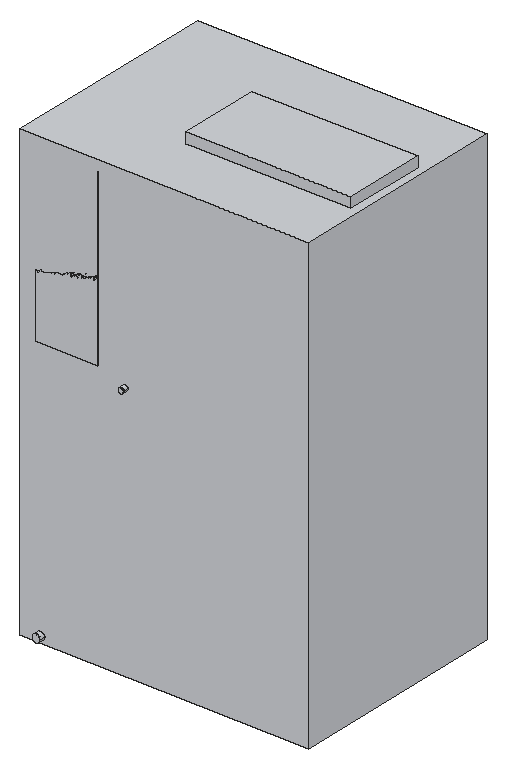
Revit family "HVAC_SPVU_AlliedAir_MCE4", category Mechanical Equipment, Revit 2018
Family settings
  Round Connector Dimension = Use Diameter
  Part Type = Normal
  OmniClass Number = 23.75.00.00
  OmniClass Title = Climate Control (HVAC)
  Work Plane-Based = Yes
  Always vertical = Yes
  Cut with Voids When Loaded = No
  Shared = No
  Room Calculation Point = No
Parameters
  exhaustrad = Exhaust Air Diameter / 2  # 0' - 1 1/4"
  drainrad = Outdoor Condensate Connection Diameter / 2  # 0' - 0 3/8"
  Warranty Duration (Years) = 0
  Voltage Range = "as Specified"
  Unit Width = 2' - 4"
  Unit Weight = 0
  Unit Height = 3' - 7 7/8"
  Unit Depth = 1' - 9 1/2"
  URL = "http://www.magic-pak.com/"
  Supply Duct Size_W = 16"
  Supply Duct Size_H = 8"
  Standards Conformance = "as Specified"
  Specification = "http://www.arcat.com/sdspecs/htm/15700aae.htm"
  SpecWizard = ""
  Sound Pressure = "as Specified"
  Send Message = "http://www.arcat.com/users.pl?action=UserEmail&amp;company=Magic-Pak&amp;coid=46691&amp;rep=141&amp;fax=&amp;mf=95"
  Sales Information = "http://www.magic-pak.com/contact.php"
  Revision = "R2_2015-02"
  Refrigerant Used = "R410A"
  Product Properties = ""
  Product Data = "http://www.arcat.com/arcatcos/cos9546/arc46691.html"
  Platform Height [instance] = 0' - 4"
  Model = "as Specified"
  Manufacturer Website = "http://www.magic-pak.com/"
  Manufacturer Phone - Toll Free = "800-448-5872"
  Manufacturer Phone = ""
  Manufacturer Fax = ""
  Manufacturer Address = "215 Metropolitan Dr.  West Columbia, SC 29170"
  Manufacturer = "Magic-Pak"
  Maintenance Schedule (Months) = 0
  Keynote = "15700"
  Installation-Fabrication = ""
  Installation Phase = ""
  Indoor Drain CL Elevation = C  # 2' - 1"
  Indoor Condensate Connection Diameter = 0' - 0 1/2"
  HVAC_Cooling Capacity = 0.0 Btu/h
  HVAC_BTU Input = 0.0 Btu/h
  Green Building-LEED = ""
  Fuel Consumption = "as Specified"
  Expected Lifespan (Years) = 0
  Exhaust Air Height Location = 2' - 1.59696"
  Exhaust Air Diameter = 0' - 2 1/2"
  Electrical_Voltage = 230 V
  Electrical_Phase = 1
  Electrical_Frequency = 60 Hz
  Electrical_Amperage = 0 A
  Efficiency Ratings = "as Specified"
  E = 1' - 6 7/8"
  Return Duct Size_W = 6"
  Return Duct Size_H = 16 7/8"
  Drawn By = "Sumex Design, Inc. / Robert S. Weygant, CSI, CDT, SCIP"
  Description = "Magic-Pak Ducted Heating and Cooling Unit as Specified"
  Default Elevation = 0' - 0"
  Copyright = "©Arcat Inc."
  Construction Details = ""
  Outdoor Condensate Connection Diameter = 0' - 0 3/4"
  C = 2' - 1"
  Assembly Code = "D3050100"
  Air Flow = 0 CFM
Reference planes (in)
  plane 1 "Center (Front/Back)": y = 0
  plane 2 "Bottom": z = 0
  plane 3 "Center (Left/Right)": x = 0
  plane 4 "Front": y = -10.75
  plane 5 "Back": y = 10.75
  plane 6 "Left": x = -14
  plane 7 "Right": x = 14
  plane 8 "Top": z = 47.875
  plane 9: z = 28.875
  plane 10: z = 22.875
  plane 11: z = 4
Forms (in)
  Extrusion 1, solid
    sketch origin (0, 0, 0) x (1, 0, 0) y (0, 0, 1)
      loop
        line (-14, 22.875) -> (-14, 4) -> (14, 4) -> (14, 22.875) -> (-14, 22.875)
    from -10.75 to 10.75
  Extrusion 2, solid
    sketch origin (0, 0, 0) x (1, 0, 0) y (0, 1, 0)
      loop
        line (-14, 10.75) -> (-14, -10.75) -> (14, -10.75) -> (14, 10.75) -> (13, 10.75) -> (13, 6.25) -> (-13, 6.25) -> (-13, 10.75) -> (-14, 10.75)
    from 22.875 to 28.875
  Extrusion 3, solid
    sketch origin (0, 0, 0) x (1, 0, 0) y (0, 0, 1)
      loop
        line (-14, 47.875) -> (-14, 28.875) -> (14, 28.875) -> (14, 47.875) -> (-14, 47.875)
    from -10.75 to 10.75
  Extrusion 4, solid
    sketch origin (-11.94222, -10.75, 48) x (1, 0, 0) y (0, 0, 1)
      loop
        line (-0.55778, -1.125) -> (-0.55778, -18) -> (5.44222, -18) -> (5.44222, -1.125) -> (-0.55778, -1.125)
    from 0 to -4.5
  Extrusion 5, solid
    sketch origin (-43.59721, -180, 47.875) x (-1, 0, 0) y (0, -1, 0)
      loop
        line (-56.78471, -175.375) -> (-56.78471, -183.375) -> (-40.78471, -183.375) -> (-40.78471, -175.375) -> (-56.78471, -175.375)
    from 0 to 1
  Extrusion 6, solid
    sketch origin (-11.94222, -10.75, 48) x (-1, 0, 0) y (0, 0, 1)
      loop
        circle (-8.12972, -19) r 0.25
      loop
        circle (0.05778, -43.375) r 0.375
    from 0 to -0.5
Cuts and joins
  joined: Extrusion 1, Extrusion 2, Extrusion 3
Dimensions and locks (in)
  equal spacing: plane 6 "Left", plane 3 "Center (Left/Right)", plane 7 "Right"
  "Unit Width": plane 6 "Left" to plane 7 "Right"
  equal spacing: plane 5 "Back", plane 1 "Center (Front/Back)", plane 4 "Front"
  "Unit Depth": plane 5 "Back" to plane 4 "Front"
  locked: plane 9 to plane 10 at 6
  "Platform Height": plane 11 to level
  "Unit Height": plane 8 "Top" to plane 11
  "E": plane 10 to plane 11
  locked: plane 5 "Back" to Extrusion 2 sketch curve at 4.5
  locked: plane 8 "Top" to Extrusion 4 sketch curve at 1
  Extrusion 4 sketch curve to Extrusion 4 sketch curve to plane 6 "Left" = 0' - 6" locked, 0' - 1 1/2" locked
  "Return Duct Size_H": Extrusion 4 sketch curve to Extrusion 4 sketch curve
  locked: Extrusion 5 sketch curve to plane 7 "Right" at 0.8125
  Extrusion 5 sketch curve to Extrusion 5 sketch curve to plane 4 "Front" = 0' - 8" locked, 0' - 6 1/8" locked
  "Outdoor Condensate Connection Diameter": Extrusion 6 sketch curve to Extrusion 6 sketch curve
  "Indoor Condensate Connection Diameter": Extrusion 6 sketch curve to Extrusion 6 sketch curve
  locked: Extrusion 6 sketch curve to plane 11 at 0.625
  locked: Extrusion 6 sketch curve to plane 6 "Left" at 2
  "Indoor Drain CL Elevation": Extrusion 6 sketch curve to plane 11
  locked: Extrusion 6 sketch curve to plane 6 "Left" at 10.1875
  aligned and locked: Extrusion 1 sketch curve to plane 10
  aligned and locked: plane 6 "Left" to Extrusion 1 sketch curve
  aligned and locked: plane 11 to Extrusion 1 sketch curve
  aligned and locked: Extrusion 1 sketch curve to plane 7 "Right"
  aligned and locked: plane 5 "Back" to Extrusion 2 sketch curve
  aligned and locked: Extrusion 2 sketch curve to plane 5 "Back"
  aligned and locked: Extrusion 2 sketch curve to plane 4 "Front"
  aligned and locked: plane 5 "Back" to Extrusion 1
  aligned and locked: Extrusion 1 to plane 4 "Front"
  aligned and locked: plane 9 to Extrusion 3 sketch curve
  aligned and locked: Extrusion 3 sketch curve to plane 8 "Top"
  aligned and locked: plane 9 to Extrusion 2
  aligned and locked: Extrusion 2 to plane 10
  aligned and locked: plane 5 "Back" to Extrusion 3
  aligned and locked: Extrusion 3 to plane 4 "Front"
Automatic sketch dimensions
  Extrusion 2 sketch curve to plane 6 "Left" = 0' - 0"
  Extrusion 2 sketch curve to plane 7 "Right" = 0' - 0"
  Extrusion 2 sketch curve to Extrusion 2 sketch curve = 0' - 1"
  Extrusion 2 sketch curve to plane 7 "Right" = 0' - 1"
  Extrusion 3 sketch curve to plane 6 "Left" = 0' - 0"
  Extrusion 3 sketch curve to plane 7 "Right" = 0' - 0"
  Extrusion 5 sketch curve to plane 3 "Center (Left/Right)" = 0' - 2 13/16"
Connectors (in)
  hvac at (-9.5, -10.75, 38.4375), driven by "Return Duct Size_H", driven by "Return Duct Size_W"
    settings: on Extrusion 4, index 1, duct flow 0 CFM, flow factor 0, pres drop 0.00 in-wg, loss coef 0, conn angle 0.00°, conn width 6", conn height 16 7/8", conn diameter 24", duct sys type 2, conn prof type 1, flow config 0, flow direction 1, loss method 0, conn ref index -1, conn util no, is conn primary no, conn desc ""
  hvac at (5.1875, -0.625, 48.875), driven by "Supply Duct Size_H", driven by "Supply Duct Size_W"
    settings: on Extrusion 5, index 2, duct flow 0 CFM, flow factor 0, pres drop 0.00 in-wg, loss coef 0, conn angle 0.00°, conn width 16", conn height 8", conn diameter 24", duct sys type 1, conn prof type 1, flow config 0, flow direction 2, loss method 0, conn ref index -1, conn util no, is conn primary yes, conn desc ""
  electrical at (0, 0, 47.875), driven by "Electrical_Voltage"
    settings: on cut or joined group of Extrusion 1, Extrusion 2, Extrusion 3, index 3, voltage 230 V, apparent load 0 VA, apparent load phase1 0 VA, apparent load phase2 0 VA, apparent load phase3 0 VA, power factor 1, load classification "Other", number of poles 1, system type 31, power factor state 1, is connector primary yes, connector utility no, sub classification motor no, connector description ""
  piping at (-3.8125, -11.25, 29), diameter 0.5
    settings: on Extrusion 6, index 4, connector inside diameter 1/2", connector length 0' - 0", flow factor 0, pipe flow 0 GPM, pressure drop 0.00 psi, fitting loss kfactor 0, connector angle 0.00°, fixture units 0, engagement length 0' - 0", angle of deflection 0.00°, flow configuration 0, flow direction 2, fitting loss method 0, system type 16, joint type 0, gender type 0, connector reference index -1, connector utility 0, adjustable connector no, is connector primary yes, connector description "Indoor Coil Drain"
  piping at (-12, -11.25, 4.625), diameter 0.75
    settings: on Extrusion 6, index 5, connector inside diameter 3/4", connector length 0' - 0", flow factor 0, pipe flow 0 GPM, pressure drop 0.00 psi, fitting loss kfactor 0, connector angle 0.00°, fixture units 0, engagement length 0' - 0", angle of deflection 0.00°, flow configuration 0, flow direction 2, fitting loss method 0, system type 16, joint type 0, gender type 0, connector reference index -1, connector utility 0, adjustable connector no, is connector primary no, connector description "Outdoor Coil Drain"
